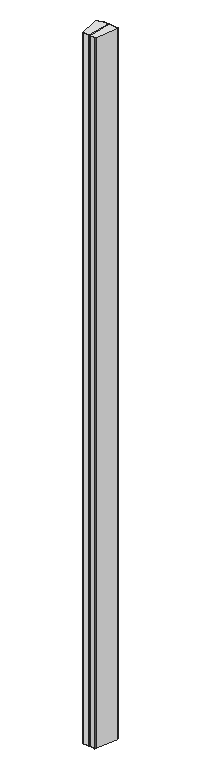
Revit family
Parameters (values of type "2 Way Variable Angle")
  Wdith = 4"  # constant formula
  Variable Angle Note = "Angle for Variable Angle Post Only"  # constant formula
  Type Comments = ""
  Model = "see catalog for model #"
  Description = "Enclose Wall Accessories"  # constant formula
  2 Way Variable Angle = yes
  Min/Max Height = "84-144 in."  # constant formula
  Min. Height = 84"  # constant formula
  Max. Height = 144"  # constant formula
  Variable Angle = 20.00°
  LEED Data = "www.haworth.com/_layouts/Haworth.ProductCatalog/Handlers/GetAsset.ashx/Enclose_LEED_Contribution.pdf?cid=180&rid=1981&type=Leed"
  Sustainability Info = "www.haworth.com/en-us/About-Us/Sustainability/Documents/2005-Global-Sustainability-Report.pdf"
  Material Options = "http://surfaces.haworth.com/library3.cfm"
  Warranty = "http://surfaces.haworth.com/rsWarranty3.cfm"
  URL- Product = "www.haworth.com/en-us/Products/Architectural/Moveable-Walls/Pages/Enclose.aspx"
  URL = "www.haworth.com"
  Revision Number = "1"  # constant formula
  Manufacturer = "Haworth"  # constant formula
  Height = 108"
  Frame Finish = Haworth - Brushed Aluminum
  Depth = 4"  # constant formula
  Author = "SHAPE Environments, LLC"  # constant formula
  Assembly Code = "C1010200"
  Angle B = Variable Angle / 2 * if(1 = 1, 1, 1)  # 10.00°
  Angle A = 90.00° - Angle B  # 80.00°
  Actual Height = if(Height < Min. Height, Min. Height, if(Height > Max. Height, Max. Height, Height))  # 108"
  4 Way Square = no
  3 Way Square = no
  3 Way Rectilinear = no
  3 Way Elliptical = no
  2 Way Square Corner = no
  2 Way Square = no
  2 Way Rectilinear = no
  2 Way Elliptical = no
  2 Way 135 = no
Types (10): name | 2 Way Variable Angle | 4 Way Square | 3 Way Square | 3 Way Rectilinear | 3 Way Elliptical | 2 Way Square Corner | 2 Way Square | 2 Way Rectilinear | 2 Way Elliptical | 2 Way 135
  Closed System_2 Way_135 | no | no | no | no | no | no | no | no | no | yes
  Closed System_4 Way_90 | no | yes | no | no | no | no | no | no | no | no
  Closed System_3 Way_90 | no | no | yes | no | no | no | no | no | no | no
  Closed System_2 Way_90 | no | no | no | no | no | yes | no | no | no | no
  Closed System_2 Way_180 | no | no | no | no | no | no | yes | no | no | no
  Open System_2 Way_90_Rectilinear | no | no | no | no | no | no | no | yes | no | no
  Open System_2 Way_90_Elliptical | no | no | no | no | no | no | no | no | yes | no
  Open System_3 Way_90_Rectilinear | no | no | no | yes | no | no | no | no | no | no
  Open System_3 Way_90_Elliptical | no | no | no | no | yes | no | no | no | no | no
  2 Way Variable Angle | yes | no | no | no | no | no | no | no | no | no
Reference planes (in)
  plane 1 "Center F/B": y = -0.92921
  plane 2: z = 0
  plane 3 "Center L/R": x = 1.1802
  plane 4: y = 1.07079
  plane 5: y = -2.92921
  plane 6 "Top": z = 108
  plane 7 "Right": x = 5.1802
  plane 8: x = 3.1802
Forms (in)
  Extrusion 1, solid, material "Haworth - Brushed Aluminum" <- "Frame Finish", visible <- "2 Way 135"
    sketch origin (0, 1.27417, 0) x (1, 0, 0) y (0, 1, 0)
      loop
        line (1.3352, -0.20562) -> (1.3352, -0.40062) -> (1.1802, -0.40062) -> (1.1802, -4.20114) -> (3.86758, -1.51376) -> (3.75798, -1.40416) -> (3.89586, -1.26628) -> (2.8352, -0.20562) -> (1.3352, -0.20562)
    from 0 to 108
  Extrusion 2, solid, material "Haworth - Brushed Aluminum" <- "Frame Finish", visible <- "4 Way Square"
    sketch origin (0, 0, 0) x (1, 0, 0) y (0, 1, 0)
      loop
        line (1.1802, 1.07079) -> (1.1802, -2.92921) -> (5.1802, -2.92921) -> (5.1802, 1.07079) -> (1.1802, 1.07079)
    from 0 to 108
  Extrusion 3, solid, material "Haworth - Brushed Aluminum" <- "Frame Finish", visible <- "2 Way Rectilinear"
    sketch origin (0, 0, 0) x (1, 0, 0) y (0, 1, 0)
      loop
        line (1.1802, 0.87355) -> (1.1802, -2.92921) -> (4.9852, -2.92921) -> (4.9852, -2.77197) -> (5.1802, -2.77197) -> (5.1802, -1.89697) -> (2.2102, -1.89697) -> (2.2102, 1.07079) -> (1.3352, 1.07079) -> (1.3352, 0.87355) -> (1.1802, 0.87355)
    from 0 to 108
  Extrusion 4, solid, material "Haworth - Brushed Aluminum" <- "Frame Finish", visible <- "2 Way Elliptical"
    sketch origin (0, 0, 0) x (1, 0, 0) y (0, 1, 0)
      loop
        line (1.1802, 0.87355) -> (1.1802, -2.92921) -> (4.9852, -2.92921) -> (4.9852, -2.77197) -> (5.1802, -2.77197) -> (5.1802, -2.46697)
        arc (5.1802, -2.46697) -> (4.2283, -2.08285) -> (3.2102, -1.95197) r 4.02536
        line (3.2102, -1.95197) -> (2.1552, -1.95197) -> (2.1552, -0.89697)
        arc (2.1552, -0.89697) -> (2.02399, 0.12021) -> (1.63894, 1.07079) r 4.00826
        line (1.63894, 1.07079) -> (1.3352, 1.07079) -> (1.3352, 0.87355) -> (1.1802, 0.87355)
    from 0 to 108
  Extrusion 5, solid, material "Haworth - Brushed Aluminum" <- "Frame Finish", visible <- "3 Way Rectilinear"
    sketch origin (0, 0, 0) x (1, 0, 0) y (0, 1, 0)
      loop
        line (1.1802, 0.87355) -> (1.1802, -2.92921) -> (5.1802, -2.92921) -> (5.1802, 0.87579) -> (5.0252, 0.87579) -> (5.0252, 1.07079) -> (4.1502, 1.07079) -> (4.1502, -0.92921) -> (2.2102, -0.92921) -> (2.2102, 1.07079) -> (1.3352, 1.07079) -> (1.3352, 0.87355) -> (1.1802, 0.87355)
    from 0 to 108
  Extrusion 6, solid, material "Haworth - Brushed Aluminum" <- "Frame Finish", visible <- "3 Way Elliptical"
    sketch origin (0, 0, 0) x (1, 0, 0) y (0, 1, 0)
      loop
        line (1.1802, 0.87579) -> (1.1802, -2.92921) -> (5.1802, -2.92921) -> (5.1802, 0.87579) -> (5.0252, 0.87579) -> (5.0252, 1.07079) -> (4.72007, 1.07079)
        arc (4.72007, 1.07079) -> (4.33222, 0.10436) -> (4.2052, -0.92921) r 4.02602
        line (4.2052, -0.92921) -> (2.15507, -0.92921)
        arc (2.15507, -0.92921) -> (2.02806, 0.10436) -> (1.6402, 1.07079) r 4.02602
        line (1.6402, 1.07079) -> (1.3352, 1.07079) -> (1.3352, 0.87579) -> (1.1802, 0.87579)
    from 0 to 108
  Extrusion 7, solid, material "Haworth - Brushed Aluminum" <- "Frame Finish", visible <- "2 Way Square Corner"
    sketch origin (0, 0, 0) x (1, 0, 0) y (0, 1, 0)
      loop
        line (1.1802, -2.92921) -> (4.9852, -2.92921) -> (4.9852, -2.77421) -> (5.1802, -2.77421) -> (5.1802, 1.07079) -> (1.3352, 1.07079) -> (1.3352, 0.87579) -> (1.1802, 0.87579) -> (1.1802, -2.92921)
    from 0 to 108
  Extrusion 8, solid, material "Haworth - Brushed Aluminum" <- "Frame Finish", visible <- "3 Way Square"
    sketch origin (0, 0, 0) x (1, 0, 0) y (0, 1, 0)
      loop
        line (1.1802, 0.87579) -> (1.1802, -2.92921) -> (5.1802, -2.92921) -> (5.1802, 0.87579) -> (5.0252, 0.87579) -> (5.0252, 1.07079) -> (1.3352, 1.07079) -> (1.3352, 0.87579) -> (1.1802, 0.87579)
    from 0 to 108
  Extrusion 9, solid, material "Haworth - Brushed Aluminum" <- "Frame Finish", visible <- "2 Way Square"
    sketch origin (0, 0, 0) x (1, 0, 0) y (0, 1, 0)
      loop
        line (1.1802, 0.87579) -> (1.1802, -2.73421) -> (1.3352, -2.73421) -> (1.3352, -2.92921) -> (5.0252, -2.92921) -> (5.0252, -2.73421) -> (5.1802, -2.73421) -> (5.1802, 0.87579) -> (5.0252, 0.87579) -> (5.0252, 1.07079) -> (1.3352, 1.07079) -> (1.3352, 0.87579) -> (1.1802, 0.87579)
    from 0 to 108
Dimensions and locks (in)
  equal spacing: plane 4, plane 1 "Center F/B", plane 5
  "Depth": plane 4 to plane 5
  "Actual Height": plane 6 "Top" to plane 2
  locked: Extrusion 1 sketch curve to Extrusion 1 sketch curve at 1.5  (x2)
  equal spacing: Extrusion 1 sketch curve, plane 1 "Center F/B", Extrusion 1 sketch curve
  "Wdith": plane 3 "Center L/R" to plane 7 "Right"
  locked: Extrusion 8 sketch curve to Extrusion 8 sketch curve at 0.155  (x2)
  locked: Extrusion 8 sketch curve to Extrusion 8 sketch curve at 0.195
  Extrusion 8 sketch curve to Extrusion 8 sketch curve = 0.195"
  equal spacing: plane 3 "Center L/R", plane 8, plane 7 "Right"
  locked: Extrusion 1 sketch curve to plane 4 (angle 45.00°)
  "Angle B": angle plane 3 "Center L/R" to nested 1
  "Angle B": angle nested 2 to plane 3 "Center L/R"
  aligned and locked: plane 6 "Top" to Extrusion 1
  aligned and locked: plane 3 "Center L/R" to Extrusion 1 sketch curve
  aligned: plane 3 "Center L/R" to Extrusion 2 sketch curve  (x2)
  aligned and locked: Extrusion 2 sketch curve to plane 4
  aligned and locked: plane 5 to Extrusion 2 sketch curve
  aligned: Extrusion 2 sketch curve to plane 7 "Right"  (x2)
  aligned and locked: plane 4 to Extrusion 3 sketch curve
  aligned: Extrusion 3 sketch curve to plane 3 "Center L/R"  (x2)
  aligned and locked: Extrusion 3 sketch curve to plane 5
  aligned: plane 7 "Right" to Extrusion 3 sketch curve  (x2)
  aligned: Extrusion 4 sketch curve to plane 3 "Center L/R"  (x2)
  aligned and locked: Extrusion 4 sketch curve to plane 5
  aligned: plane 7 "Right" to Extrusion 4 sketch curve
  aligned and locked: Extrusion 4 sketch curve to plane 4
  aligned and locked: Extrusion 5 sketch curve to plane 4  (x2)
  aligned: plane 3 "Center L/R" to Extrusion 5 sketch curve  (x2)
  aligned: Extrusion 5 sketch curve to plane 7 "Right"  (x2)
  aligned and locked: plane 5 to Extrusion 5 sketch curve
  aligned and locked: plane 4 to Extrusion 6 sketch curve
  aligned and locked: Extrusion 6 sketch curve to plane 4
  aligned: Extrusion 6 sketch curve to plane 3 "Center L/R"  (x2)
  aligned and locked: Extrusion 6 sketch curve to plane 5
  aligned: plane 7 "Right" to Extrusion 6 sketch curve  (x2)
  aligned and locked: plane 6 "Top" to Extrusion 6
  aligned and locked: plane 6 "Top" to Extrusion 5
  aligned and locked: plane 6 "Top" to Extrusion 4
  aligned and locked: plane 6 "Top" to Extrusion 3
  aligned and locked: plane 6 "Top" to Extrusion 2
  aligned: plane 3 "Center L/R" to Extrusion 7 sketch curve  (x2)
  aligned and locked: Extrusion 7 sketch curve to plane 4
  aligned: Extrusion 7 sketch curve to plane 7 "Right"  (x2)
  aligned and locked: plane 5 to Extrusion 7 sketch curve
  aligned and locked: plane 4 to Extrusion 8 sketch curve
  aligned: Extrusion 8 sketch curve to plane 3 "Center L/R"  (x2)
  aligned: plane 7 "Right" to Extrusion 8 sketch curve  (x2)
  aligned and locked: Extrusion 8 sketch curve to plane 5
  aligned and locked: Extrusion 9 sketch curve to plane 4
  aligned: Extrusion 9 sketch curve to plane 7 "Right"
  aligned and locked: plane 5 to Extrusion 9 sketch curve
  aligned: plane 3 "Center L/R" to Extrusion 9 sketch curve  (x2)
  aligned and locked: plane 6 "Top" to Extrusion 9
  aligned and locked: plane 6 "Top" to Extrusion 8
  aligned and locked: plane 6 "Top" to Extrusion 7
  aligned: nested 1 to plane 3 "Center L/R"  (x2)
  aligned: plane 4 to nested 1
  aligned: nested 2 to plane 3 "Center L/R"
  aligned and locked: nested 2 to plane 3 "Center L/R"  (x2)
  aligned and locked: nested 1 to plane 3 "Center L/R"
Automatic sketch dimensions
  Extrusion 1 sketch curve to plane 1 "Center F/B" = 0.68961"
  Extrusion 1 sketch curve to Extrusion 1 sketch curve = 0.1096"
  Extrusion 1 sketch curve to plane 4 = 0.19724"
  Extrusion 1 sketch curve to Extrusion 1 sketch curve = 0.155"
  Extrusion 3 sketch curve to plane 7 "Right" = 0.195"
  Extrusion 3 sketch curve to plane 4 = 0.19724"
  plane 5 to Extrusion 3 sketch curve = 0.15724"
  Extrusion 3 sketch curve to Extrusion 3 sketch curve = 0.875"  (x2)
  Extrusion 4 sketch curve to plane 1 "Center F/B" = 0.03224"
  Extrusion 4 sketch curve to Extrusion 4 sketch curve = 0.155"
  Extrusion 4 sketch curve to Extrusion 4 sketch curve = 0.30374"
  Extrusion 4 sketch curve to plane 7 "Right" = 1.97"
  Extrusion 4 sketch curve to plane 7 "Right" = 0.195"
  plane 5 to Extrusion 4 sketch curve = 0.97724"
  plane 1 "Center F/B" to Extrusion 4 sketch curve = 1.53776"
  plane 5 to Extrusion 4 sketch curve = 0.15724"
  Extrusion 4 sketch curve to plane 4 = 0.19724"
  plane 1 "Center F/B" to Extrusion 5 sketch curve = 0"
  Extrusion 5 sketch curve to Extrusion 5 sketch curve = 0.875"  (x2)
  Extrusion 5 sketch curve to plane 7 "Right" = 0.155"
  Extrusion 5 sketch curve to Extrusion 5 sketch curve = 0.19724"
  Extrusion 5 sketch curve to plane 4 = 0.195"
  plane 1 "Center F/B" to Extrusion 6 sketch curve = 0"
  Extrusion 6 sketch curve to plane 1 "Center F/B" = 0.02986"  (x2)
  Extrusion 6 sketch curve to plane 3 "Center L/R" = 3.05104"
  Extrusion 6 sketch curve to Extrusion 6 sketch curve = 0.155"  (x2)
  Extrusion 6 sketch curve to Extrusion 6 sketch curve = 0.305"
  Extrusion 6 sketch curve to plane 7 "Right" = 0.975"
  Extrusion 6 sketch curve to plane 7 "Right" = 0.46013"
  Extrusion 6 sketch curve to plane 7 "Right" = 0.155"
  Extrusion 6 sketch curve to Extrusion 6 sketch curve = 0.195"
  Extrusion 6 sketch curve to plane 4 = 0.195"
  plane 3 "Center L/R" to Extrusion 9 sketch curve = 0.155"
  Extrusion 9 sketch curve to plane 7 "Right" = 0.155"  (x2)
  Extrusion 9 sketch curve to Extrusion 9 sketch curve = 0.195"  (x3)
  plane 5 to Extrusion 9 sketch curve = 0.195"
  Extrusion 9 sketch curve to Extrusion 9 sketch curve = 0.155"  (x2)
  Extrusion 5 sketch curve to Extrusion 5 sketch curve = 0.155"
  Extrusion 5 sketch curve to Extrusion 5 sketch curve = 1.03"
  Extrusion 4 sketch curve to Extrusion 4 sketch curve = 0.51626"
  Extrusion 4 sketch curve to Extrusion 4 sketch curve = 0.195"
  Extrusion 3 sketch curve to Extrusion 3 sketch curve = 0.155"
  plane 3 "Center L/R" to Extrusion 7 sketch curve = 0.155"
  Extrusion 7 sketch curve to plane 4 = 0.195"
  plane 5 to Extrusion 7 sketch curve = 0.155"
  Extrusion 7 sketch curve to plane 7 "Right" = 0.195"
  Extrusion 2 sketch curve to plane 7 "Right" = 4"
  Extrusion 2 sketch curve to Extrusion 2 sketch curve = 4"
  Extrusion 3 sketch curve to Extrusion 3 sketch curve = 2.775"
  Extrusion 3 sketch curve to Extrusion 3 sketch curve = 0.195"
  Extrusion 4 sketch curve to Extrusion 4 sketch curve = 1.055"
  Extrusion 5 sketch curve to Extrusion 5 sketch curve = 1.94"
  Extrusion 6 sketch curve to Extrusion 6 sketch curve = 3.025"
  Extrusion 7 sketch curve to Extrusion 7 sketch curve = 3.805"
  Extrusion 7 sketch curve to Extrusion 7 sketch curve = 3.845"
  Extrusion 8 sketch curve to plane 7 "Right" = 4"
  Extrusion 8 sketch curve to Extrusion 8 sketch curve = 3.69"
  Extrusion 9 sketch curve to Extrusion 9 sketch curve = 3.69"
Nested families (in)
  nested 1: "Haworth_Enclose-Accessories-Wall_Connector_Variable Angle" at (1.28326, 0.02033, 0) x (-0.9848, -0.1736, 0) z (0, 0, 1), visible <- "2 Way Variable Angle", type "Variable Angle"
  nested 2: "Haworth_Enclose-Accessories-Wall_Connector_Variable Angle" at (1.07715, 0.02033, 0) x (0.9848, -0.1736, 0) z (0, 0, 1), visible <- "2 Way Variable Angle", type "Variable Angle"
Definition of nested family "Haworth_Enclose-Accessories-Wall_Connector_Variable Angle"
  Parameters (values of type "Variable Angle")
    Omni Class Number = "23.25.40.14"  # constant formula
    Min Height = 84"  # constant formula
    Max Height = 144"  # constant formula
    LEED Data = "www.haworth.com/_layouts/Haworth.ProductCatalog/Handlers/GetAsset.ashx/Enclose_LEED_Contribution.pdf?cid=180&rid=1981&type=Leed"
    Sustainability Info = "www.haworth.com/en-us/About-Us/Sustainability/Documents/2005-Global-Sustainability-Report.pdf"
    Material Options = "http://surfaces.haworth.com/library3.cfm"
    Warranty = "http://surfaces.haworth.com/rsWarranty3.cfm"
    URL- Product = "www.haworth.com/en-us/Products/Architectural/Moveable-Walls/Pages/Enclose.aspx"
    URL = "www.haworth.com"
    Revision Number = "1"  # constant formula
    Revision Date = ""
    Manufacturer = "Haworth"  # constant formula
    Height = 108"
    Frame Finish = Haworth - Brushed Aluminum
    Depth = 4"  # constant formula
    Author = "SHAPE Environments, LLC"  # constant formula
    Assembly Code = "C1010200"
    Angle = 80.00°
    Actual Height = if(Height < Min Height, Min Height, if(Height > Max Height, Max Height, Height))  # 108"
  Reference planes (in)
    plane 1 "Center F/B": y = -0.92921
    plane 2: z = 0
    plane 3 "Center L/R": x = 1.1802
    plane 4: y = 1.07079
    plane 5: y = -2.92921
    plane 6 "Top": z = 108
  Forms (in)
    Extrusion 1, solid, material "Haworth - Brushed Aluminum" <- "Frame Finish"
      sketch origin (-0.65417, 0, 0) x (1, 0, 0) y (0, 1, 0)
        loop
          line (1.39688, 1.07079) -> (1.39688, 1.00079) -> (0.5773, 1.02941) -> (1.26379, -2.86386) -> (1.39688, -2.85921) -> (1.39688, -2.92921) -> (2.27188, -2.92921) -> (2.27188, -2.73321) -> (2.42888, -2.73321) -> (2.42888, 0.87479) -> (2.27188, 0.87479) -> (2.27188, 1.07079) -> (1.39688, 1.07079)
      from 0 to 108
  Lines and regions (in)
    reference lines
      curve 1: line (0.60962, -2.86386, 0) -> (-0.1718, 1.56778, 0)
  Dimensions and locks (in)
    equal spacing: plane 4, plane 1 "Center F/B", plane 5
    "Depth": plane 4 to plane 5
    "Actual Height": plane 6 "Top" to plane 2
    locked: plane 4 to Extrusion 1 sketch curve at 0.07
    locked: Extrusion 1 sketch curve to plane 5 at 0.07
    Extrusion 1 sketch curve to plane 3 "Center L/R" to Extrusion 1 sketch curve = 0.4375", 0.4375"  (x2)
    plane 3 "Center L/R" to Extrusion 1 = 0.5945"
    locked: Extrusion 1 sketch curve to Extrusion 1 sketch curve (angle 88.00°)  (x2)
    "Angle": angle curve 1 to plane 5
    aligned and locked: Extrusion 1 sketch curve to curve 1
    aligned and locked: plane 6 "Top" to Extrusion 1
  Automatic sketch dimensions
    Extrusion 1 sketch curve to plane 5 = 0"
    Extrusion 1 sketch curve to plane 4 = 0"
    plane 5 to Extrusion 1 sketch curve = 0.196"
    Extrusion 1 sketch curve to Extrusion 1 sketch curve = 0.157"
    Extrusion 1 sketch curve to plane 4 = 0.196"
    plane 5 to curve 1 = 0.06535"
    curve 1 to plane 3 "Center L/R" = 0.57058"
